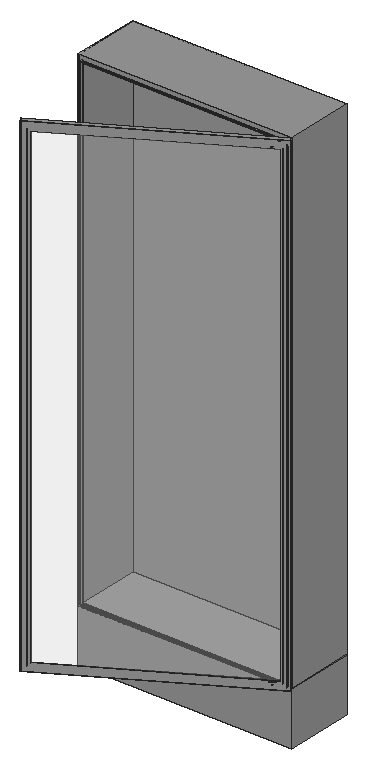
Revit family "Hager-Univers-IP55-D275-H2050-Cl.I-Steel_encl-NoHosted-PL-pl", category Electrical Equipment, Revit 2020
Family settings
  Panel Configuration = Two Columns, Circuits Across
  Round Connector Dimension = Use Diameter
  Part Type = Panelboard
  Work Plane-Based = Yes
  Always vertical = Yes
  Cut with Voids When Loaded = No
  Shared = No
  Room Calculation Point = No
Parameters (values of type "Montaż podłogowy IP55 S800 W2050 G275  - FR23K2")
  Width Control [instance] = if([EF000008 - Szerokość] > Min Width, [EF000008 - Szerokość], Min Width)  # 800 mm
  Type Comments = [HG000003 - Zakres]  # "Univers"
  Thickness Door [instance] = if([EF009171 - Drzwi/pokrywa z materiału o wysokiej wytrzymałości mechanicznej] > 3 mm, 3 mm, [EF009171 - Drzwi/pokrywa z materiału o wysokiej wytrzymałości mechanicznej])  # 1.5 mm
  Seal Frame Offset [instance] = 17 mm  # constant formula
  Plinth Visibility [instance] = [HG000027 - Wysokość cokołu] > 0 mm  # yes
  Min Width [instance] = 100 mm  # constant formula
  Min Depth [instance] = (2 * [EF009170 - Obudowa z materiału o wysokiej wytrzymałości mechanicznej]) + 1 mm  # 4 mm
  Min Height [instance] = 100 mm  # constant formula
  Internal Frame Depth [instance] = (Door System Depth * 0.5)  # 9 mm
  Panel Name [instance] = ""  # (empty or 0)
  Model = ""
  HG000027 - Wysokość cokołu = 200 mm
  HG000026 - Stojąca = yes
  HG000024 - Wysokość części dolnej = 600 mm
  HG000023 - Obudowa dwusekcyjna = no
  HG000016 - Widoczność drzwi w widoku 3D [instance] = yes
  HG000015 - Przestrzeń robocza - otwarcie drzwi [instance] = no
  HG000014 - Drzwi prawe [instance] = yes
  HG000013 - Drzwi lewe [instance] = not([HG000014 - Drzwi prawe])  # no
  HG000012 - Kąt otwarcia drzwi [instance] = 30.00°
  HG000010 - Drzwi asymetryczne = no
  HG000009 - Drzwi dwuskrzydłowe = no
  HG000006 - Montaż podtynkowy = no
  HG000004 - Referencja producenta = "FR23K2"
  HG000003 - Zakres = "Univers"
  HG000002 - Z drzwiami lub pokrywą = yes
  Frame Offset Bottom [instance] = 10 mm  # constant formula
  Frame Offset [instance] = 15 mm  # constant formula
  EF015940 - Pokrywa z wyzwalaczem nadciśnieniowym = no
  EF011959 - Stopień ochrony (NEMA) = ""
  EF009554 - Liczba otworów pod flansze = 6
  EF009212 - Wykonanie pokrywy = "EV000116 - Zamknięty"
  EF009171 - Drzwi/pokrywa z materiału o wysokiej wytrzymałości mechanicznej = 1.5 mm
  EF009170 - Obudowa z materiału o wysokiej wytrzymałości mechanicznej = 1.5 mm
  EF008873 - Prąd znamionowy (In) = 800 A
  EF007800 - Do ochrony odgromowej = no
  EF006306 - Z zamkiem = no
  EF006244 - Transparentna pokrywa/drzwi = yes
  EF005474 - Stopień ochrony (IP) = "EV006420 - IP55"
  EF004464 - Rodzaj drzwi = "EV002646 - Pojedynczy"
  EF004427 - Liczba modułów = 432
  EF004293 - Odporność udarowa = "EV008784 - IK10"
  EF003532 - Do zastosowań zewnętrznych = no
  EF002950 - Szerokość wyrażona liczbą modułów = 24
  EF001613 - Podtrzymanie funkcji = "EV000494 - Brak"
  EF001596 - Materiał obudowy = "EV000179 - Stal"
  EF001131 - Głębokość wewnętrzna = 275 mm
  EF001088 - Możliwość rozbudowy = yes
  EF000437 - Liczba wejść kablowych = 6
  EF000339 - Rodzaj pokrywy = "EV004216 - Drzwi"
  EF000266 - Liczba rzędów = 12
  EF000218 - Głębokość wbudowania = 0 mm
  EF000118 - Z płytą montażową = no
  EF000116 - Numer RAL = "7035"
  EF000049 - Głębokość = 275 mm
  EF000040 - Wysokość = 2050 mm
  EF000008 - Szerokość = 800 mm
  EF000007 - Kolor = "EV000270 - Szary"
  EF000003 - Sposób montażu = "EV012274 - Montaż podłogowy"
  Door System Leaf Tolerance [instance] = 1.5 mm  # constant formula
  Door System Depth [instance] = 18 mm  # constant formula
  Door Height [instance] = Height Control - [HG000027 - Wysokość cokołu]  # 1850 mm
  Description = ""
  Default Elevation = 1219.2 mm
  Connector Offset [instance] = Height Control / 2  # 1025 mm
  Manufacturer = "Hager"  # constant formula
  Height Control [instance] = if([EF000040 - Wysokość] > Min Height, [EF000040 - Wysokość], Min Height)  # 2050 mm
  Depth Control [instance] = if([EF000049 - Głębokość] > Min Depth, [EF000049 - Głębokość], Min Depth)  # 275 mm
  Bottom Top Plate Trim [instance] = 1.5 mm  # constant formula
  Plinth height Ctrl [instance] = if([HG000027 - Wysokość cokołu] > 0 mm, [HG000027 - Wysokość cokołu], 12 mm)  # 200 mm
Types (11, lengths in mm): name | Width Control | HG000010 - Drzwi asymetryczne | HG000009 - Drzwi dwuskrzydłowe | HG000004 - Referencja producenta | EF009554 - Liczba otworów pod flansze | EF006244 - Transparentna pokrywa/drzwi | EF004464 - Rodzaj drzwi | EF004427 - Liczba modułów | EF000437 - Liczba wejść kablowych | EF000008 - Szerokość
  Montaż podłogowy IP55 S1050 W2050 G275  - FR24E2 | 1050 | yes | yes | "FR24E2" | 8 | no | "EV003602 - Podwójny" | 576 | 8 | 1050
  Montaż podłogowy IP55 S1050 W2050 G275  - FR24K2 | 1050 | yes | yes | "FR24K2" | 8 | yes | "EV003602 - Podwójny" | 576 | 8 | 1050
  Montaż podłogowy IP55 S1300 W2050 G275  - FR25E2 | 1300 | yes | yes | "FR25E2" | 10 | no | "EV003602 - Podwójny" | 720 | 10 | 1300
  Montaż podłogowy IP55 S1300 W2050 G275  - FR25K2 | 1300 | yes | yes | "FR25K2" | 10 | yes | "EV003602 - Podwójny" | 720 | 10 | 1300
  Montaż podłogowy IP55 S1550 W2050 G275  - FR26E2 | 1550 | yes | yes | "FR26E2" | 12 | no | "EV003602 - Podwójny" | 864 | 12 | 1550
  Montaż podłogowy IP55 S1550 W2050 G275  - FR26K2 | 1550 | yes | yes | "FR26K2" | 12 | yes | "EV003602 - Podwójny" | 864 | 12 | 1550
  Montaż podłogowy IP55 S300 W2050 G275  - FR21E2 | 300 | no | no | "FR21E2" | 2 | no | "EV002646 - Pojedynczy" | 144 | 2 | 300
  Montaż podłogowy IP55 S550 W2050 G275  - FR22E2 | 550 | no | no | "FR22E2" | 4 | no | "EV002646 - Pojedynczy" | 288 | 4 | 550
  Montaż podłogowy IP55 S550 W2050 G275  - FR22K2 | 550 | no | no | "FR22K2" | 4 | yes | "EV002646 - Pojedynczy" | 288 | 4 | 550
  Montaż podłogowy IP55 S800 W2050 G275  - FR23E2 | 800 | no | no | "FR23E2" | 6 | no | "EV002646 - Pojedynczy" | 432 | 6 | 800
  Montaż podłogowy IP55 S800 W2050 G275  - FR23K2 | 800 | no | no | "FR23K2" | 6 | yes | "EV002646 - Pojedynczy" | 432 | 6 | 800
Reference planes
  plane 1 "Center (Front/Back)": y = 0
  plane 2: z = 0
  plane 3 "Center (Left/Right)": x = 0
  plane 4: y = 0
  plane 5: y = 0
  plane 6: z = 0
  plane 7: x = -400
  plane 8: x = 400
  plane 9: x = 398.5
  plane 10: x = -398.5
  plane 11: z = 200
  plane 12: z = 201.5
  plane 13: y = -275
  plane 14: y = -1.5
  plane 15: x = 0
  plane 16: y = -257
  plane 17: y = -273.5
  plane 18: y = -255.5
  plane 19: x = -383.5
  plane 20: x = 383.5
  plane 21: z = 211.5
  plane 22: x = -383
  plane 23: x = 383
  plane 24: z = 200
  plane 25: z = 2050
  plane 26: z = 2050
  plane 27: z = 2033.5
  plane 28: z = 2048.5
Forms (mm)
  Extrusion 1, solid, material "Hager_Steel_RAL7035_Light_Grey", detail levels medium+fine
    sketch origin (-208.679, -4572, 200) x (-1, 0, 0) y (0, -1, 0)
      loop
        line (191.321, -4315) -> (-608.679, -4315) -> (-608.679, -4572) -> (191.321, -4572) -> (191.321, -4315)
    from 0 to 1850
  Extrusion 2, void
    sketch origin (-350.771, -275, 1219.2) x (1, 0, 0) y (0, 0, 1)
      loop
        line (-47.729, 829.3) -> (-47.729, -1017.7) -> (749.271, -1017.7) -> (749.271, 829.3) -> (-47.729, 829.3)
    from -19.5 to -273.5
  Extrusion 3, void
    sketch origin (-290.084, -257, 1219.2) x (1, 0, 0) y (0, 0, 1)
      loop
        line (-93.416, -1007.7) -> (673.584, -1007.7) -> (673.584, 814.3) -> (-93.416, 814.3) -> (-93.416, -1007.7)
    from 0 to -1.5
  Extrusion 4, solid, material "Hager_Steel_RAL7035_Light_Grey", visible <- "Plinth Visibility", detail levels medium+fine
    sketch origin (0, 0, 0) x (1, 0, 0) y (0, 1, 0)
      loop
        line (-400, 0) -> (-400, -257) -> (400, -257) -> (400, 0) -> (-400, 0)
    from 0 to 200 <- "Plinth height Ctrl"
  Extrusion 5, solid, material "Hager_Steel_RAL7035_Light_Grey", detail levels coarse
    sketch origin (0, 0, 0) x (1, 0, 0) y (0, 1, 0)
      loop
        line (-400, 0) -> (-400, -275) -> (400, -275) -> (400, 0) -> (-400, 0)
    from 0 to 2050 <- "Height Control"
  Sweep 6, void
    path in 3D
      loop
        line (-400, -257, 200) -> (400, -257, 200) -> (400, 0, 200) -> (-400, 0, 200) -> (-400, -257, 200)
    profile origin (-400, -128.5, 200) x (1, 0, 0) y (0, 0, 1)
      loop
        line (0, 0) -> (0, -1.5) -> (1.5, -1.5)
        arc (1.5, -1.5) -> (1.061, -0.439) -> (0, 0) r 1.5
  Extrusion 7, solid, material "Hager_Steel_RAL7035_Light_Grey", detail levels fine
    sketch origin (-400, -257, 200) x (1, 0, 0) y (0, 0, 1)
      loop
        line (16.5, 11.5) -> (783.5, 11.5) -> (783.5, 1833.5) -> (16.5, 1833.5) -> (16.5, 11.5)
      loop
        line (15, 10) -> (785, 10) -> (785, 1835) -> (15, 1835) -> (15, 10)
    from 0 to 9 <- "Internal Frame Depth"
Cuts and joins
  Extrusion 2, Extrusion 3 cuts Extrusion 1
  Sweep 6 cuts Extrusion 4
Lines and regions (mm)
  Masking region 1
    outline origin (0, 0, 0) x (1, 0, 0) y (0, 1, 0)
      loop
        line (-400, 0) -> (-400, -275) -> (400, -275) -> (400, 0) -> (-400, 0)
  Masking region 2, detail levels coarse
    outline origin (-290.084, -257, 1219.2) x (-1, 0, 0) y (0, 0, 1)
      loop
        line (-690.084, -1219.2) -> (109.916, -1219.2) -> (109.916, 830.8) -> (-690.084, 830.8) -> (-690.084, -1219.2)
  Masking region 3, detail levels coarse
    outline origin (0, 0, 0) x (0, 1, 0) y (0, 0, 1)
      loop
        line (0, 0) -> (0, 2050) -> (-275, 2050) -> (-275, 0) -> (0, 0)
  Masking region 4, visible <- "Plinth Visibility", detail levels medium+fine
    outline origin (0, 0, 0) x (0, 1, 0) y (0, 0, 1)
      loop
        line (-1.5, 200) -> (-255.5, 200)
        arc (-255.5, 200) -> (-255.939, 198.939) -> (-257, 198.5) r 1.5
        line (-257, 198.5) -> (-257, 0) -> (0, 0) -> (0, 198.5)
        arc (0, 198.5) -> (-1.061, 198.939) -> (-1.5, 200) r 1.5
  Masking region 5, detail levels medium+fine
    outline origin (0, 0, 594.038) x (0, 1, 0) y (0, 0, 1)
      loop
        line (0, -394.038) -> (0, 1455.962) -> (-257, 1455.962) -> (-257, -394.038) -> (0, -394.038)
  Masking region 6, detail levels medium+fine
    outline origin (-359.7, -257, 1211.883) x (-1, 0, 0) y (0, 0, 1)
      loop
        line (-759.7, -1011.883) -> (40.3, -1011.883) -> (40.3, 838.117) -> (-759.7, 838.117) -> (-759.7, -1011.883)
  Masking region 7, visible <- "Plinth Visibility", detail levels medium+fine
    outline origin (-320.334, -257, 1041.368) x (-1, 0, 0) y (0, 0, 1)
      loop
        line (-720.334, -1041.368) -> (79.666, -1041.368) -> (79.666, -842.868)
        arc (79.666, -842.868) -> (78.606, -842.429) -> (78.166, -841.368) r 1.5
        line (78.166, -841.368) -> (-718.834, -841.368)
        arc (-718.834, -841.368) -> (-719.273, -842.429) -> (-720.334, -842.868) r 1.5
        line (-720.334, -842.868) -> (-720.334, -1041.368)
  sketch lines
    curve 1: line (-400, 0, 200) -> (-400, -257, 200)
    curve 2: line (-400, -257, 200) -> (400, -257, 200)
    curve 3: line (400, 0, 200) -> (-400, 0, 200)
    curve 4: line (400, -257, 200) -> (400, 0, 200)
Dimensions and locks
  locked: plane 1 "Center (Front/Back)" to plane 5
  "EF009170 - Obudowa z materiału o wysokiej wytrzymałości mechanicznej": plane 7 to plane 10
  "EF009170 - Obudowa z materiału o wysokiej wytrzymałości mechanicznej": plane 8 to plane 9
  equal spacing: plane 7, plane 3 "Center (Left/Right)", plane 8
  "Width Control": plane 7 to plane 8
  "Depth Control": plane 4 to plane 13
  "EF009170 - Obudowa z materiału o wysokiej wytrzymałości mechanicznej": plane 4 to plane 14
  "Height Control": plane 25 to level
  "HG000027 - Wysokość cokołu": plane 11 to level
  "EF009170 - Obudowa z materiału o wysokiej wytrzymałości mechanicznej": plane 12 to plane 11
  "EF009170 - Obudowa z materiału o wysokiej wytrzymałości mechanicznej": plane 17 to plane 13
  "EF009170 - Obudowa z materiału o wysokiej wytrzymałości mechanicznej": plane 18 to plane 16
  "Frame Offset Bottom": plane 21 to plane 12
  "Frame Offset": plane 10 to plane 19
  "Frame Offset": plane 9 to plane 20
  "Door System Depth": plane 16 to plane 13
  "Seal Frame Offset": plane 7 to plane 22
  "Seal Frame Offset": plane 8 to plane 23
  "EF009170 - Obudowa z materiału o wysokiej wytrzymałości mechanicznej": plane 26 to plane 28
  "Frame Offset": plane 28 to plane 27
  "Connector Offset": plane 2 to connector elem
  "Bottom Top Plate Trim": profile plane to Sweep 6 sketch curve
  "Bottom Top Plate Trim": Sweep 6 sketch curve to Sweep 6 sketch curve
  "Plinth height Ctrl": Masking region 4 sketch curve to level
  "Plinth height Ctrl": Masking region 7 sketch curve to level
  "Thickness Door": Extrusion 7 sketch curve to Extrusion 7 sketch curve  (x4)
  "Bottom Top Plate Trim": radius of Sweep 6 sketch curve
  "Bottom Top Plate Trim": radius of Masking region 4 sketch curve  (x2)
  "Bottom Top Plate Trim": radius of Masking region 7 sketch curve  (x2)
  aligned and locked: Extrusion 2 sketch curve to plane 12
  aligned and locked: Extrusion 2 sketch curve to plane 9
  aligned and locked: Extrusion 2 sketch curve to plane 10
  aligned and locked: Extrusion 2 to plane 14
  aligned and locked: Extrusion 1 sketch curve to plane 4
  aligned and locked: plane 8 to Extrusion 1 sketch curve
  aligned and locked: plane 7 to Extrusion 1 sketch curve
  aligned and locked: Extrusion 2 to plane 18
  aligned and locked: Extrusion 3 sketch curve to plane 19
  aligned and locked: plane 20 to Extrusion 3 sketch curve
  aligned and locked: Extrusion 3 to Extrusion 2
  aligned and locked: Extrusion 3 sketch curve to plane 21
  aligned and locked: plane 3 "Center (Left/Right)" to nested 1
  aligned and locked: Extrusion 1 sketch curve to plane 16
  aligned and locked: Extrusion 4 sketch curve to cut or joined group of Extrusion 1, Extrusion 2, Extrusion 3
  aligned and locked: Masking region 1 sketch curve to plane 7
  aligned and locked: Masking region 1 sketch curve to plane 5
  aligned and locked: Masking region 1 sketch curve to plane 8
  aligned and locked: Masking region 2 sketch curve to level
  aligned and locked: level to Masking region 3 sketch curve
  aligned and locked: plane 1 "Center (Front/Back)" to Masking region 3 sketch curve
  aligned and locked: plane 13 to Masking region 3 sketch curve
  aligned and locked: plane 5 to Masking region 4 sketch curve
  aligned and locked: Masking region 2 sketch curve to plane 8
  aligned and locked: Masking region 2 sketch curve to plane 7
  aligned and locked: plane 7 to nested 2
  aligned and locked: nested 2 to plane 5
  aligned and locked: plane 5 to Masking region 5 sketch curve
  aligned and locked: plane 26 to Masking region 5 sketch curve
  aligned and locked: Extrusion 5 sketch curve to plane 8
  aligned and locked: Extrusion 5 sketch curve to plane 7
  aligned and locked: Extrusion 5 sketch curve to plane 5
  aligned and locked: Extrusion 3 sketch curve to plane 27
  aligned and locked: Extrusion 2 sketch curve to plane 28
  aligned and locked: Masking region 2 to plane 25
  aligned and locked: Extrusion 4 to plane 16
  aligned and locked: profile plane to Sweep 6 sketch curve
  aligned and locked: Masking region 5 sketch curve to plane 24
  aligned and locked: level to Masking region 4 sketch curve
  aligned and locked: Masking region 1 to plane 13
  aligned and locked: nested 1 to plane 16
  aligned and locked: Masking region 3 to plane 25
  aligned and locked: plane 16 to Masking region 4 sketch curve
  aligned and locked: Masking region 5 sketch curve to plane 16
  aligned and locked: plane 24 to plane 11
  aligned and locked: plane 26 to plane 25
  aligned and locked: plane 26 to cut or joined group of Extrusion 1, Extrusion 2, Extrusion 3
  aligned and locked: nested 1 to plane 24
  aligned and locked: Extrusion 1 to Extrusion 3
  aligned and locked: Masking region 6 sketch curve to plane 8
  aligned and locked: Masking region 6 sketch curve to plane 24
  aligned and locked: Masking region 6 sketch curve to plane 7
  aligned and locked: Masking region 6 sketch curve to plane 26
  aligned and locked: Masking region 7 sketch curve to plane 7
  aligned and locked: level to Masking region 7 sketch curve
  aligned and locked: Masking region 7 sketch curve to plane 8
  aligned and locked: Extrusion 7 sketch curve to cut or joined group of Extrusion 1, Extrusion 2, Extrusion 3  (x4)
Automatic sketch dimensions
  plane 19 to Extrusion 3 sketch curve = 0 mm
  Extrusion 3 sketch curve to plane 20 = 0 mm
  Extrusion 3 sketch curve to plane 21 = 0 mm
  Extrusion 4 sketch curve to plane 7 = 0 mm
  Extrusion 4 sketch curve to plane 8 = 0 mm
  Extrusion 4 sketch curve to plane 16 = 0 mm
  Masking region 1 sketch curve to plane 13 = 0 mm
  Masking region 2 sketch curve to plane 25 = 0 mm
  Masking region 3 sketch curve to plane 25 = 0 mm
  Extrusion 5 sketch curve to plane 13 = 0 mm
  profile plane to Sweep 6 sketch curve = 0 mm
Nested families
  nested 1: "EC000058_Univers_Door" at (0, -257, 200), Double <- "HG000009 - Drzwi dwuskrzydłowe", Transparent <- "EF006244 - Transparentna pokrywa/drzwi", Angle <- "HG000012 - Kąt otwarcia drzwi", Door_Right <- "HG000014 - Drzwi prawe", Assymetrical <- "HG000010 - Drzwi asymetryczne", Door <- "HG000002 - Z drzwiami lub pokrywą", Width_Ctrl <- "Width Control", 3d_Door <- "HG000016 - Widoczność drzwi w widoku 3D", Clearance <- "HG000015 - Przestrzeń robocza - otwarcie drzwi", Door_Left <- "HG000013 - Drzwi lewe", Width <- "Width Control", Door_Depth <- "Door System Depth", Leaf_Tolerance <- "Door System Leaf Tolerance", Height <- "Door Height", Lock_Visibility <- "EF006306 - Z zamkiem", Thickness <- "Thickness Door", type "EC000058_Univers_Door", detail levels medium+fine
    with min_wh 4 mm, Width_Ctrl 800 mm, Width 800 mm, Transparent yes, Thickness 1.5 mm, Seal_Material Hager_Rubber, Lock_Visibility no, Lock_Material Hager_Plastic_RAL9005_Jet_Black, Leaf_Width 800 mm, Leaf_Tolerance_External_Sides 0 mm, Leaf_Tolerance 1.5 mm, Leaf_Offset 0 mm, Leaf_Height 1847 mm, Leaf_2_Width 800 mm, Leaf_2_Offset 400 mm, Leaf_1_Width 800 mm, Leaf_1_Offset 400 mm, Height_Ctrl 1850 mm, Height 1850 mm, Glass_Material Hager_Glass, Double_Clearance_Ctrl no, Double no, Door_Right_Ctrl yes, Door_Right yes, Door_Material Hager_Steel_RAL7035_Light_Grey, Door_Left_Ctrl no, Door_Left no, Door_Depth 18 mm, Door yes, Clearance_Material Hager_Clearance, Clearance_Depth 800 mm, Clearance_Ctrl no, Clearance no, Assymetrical no, Angle 30.00°, 3d_Door yes
  nested 2: "Hager_Enclosure_Symbol" at (-400, 0, 0), Height <- "Depth Control", Width <- "Width Control", type "Hager_Enclosure_Symbol"
    with Width_Ctrl 800 mm, Width 800 mm, Height_Ctrl 275 mm, Height 275 mm, A_Width_Int 18.047 mm, A_Width 216.562 mm, A_Height_Ctrl 240.625 mm, A_Height 240.625 mm
Connectors
  electrical at (0, 0, 1025)
    settings: on plane 1 "Center (Front/Back)", index 1, voltage 0 V, apparent load 0 VA, apparent load phase1 0 VA, apparent load phase2 0 VA, apparent load phase3 0 VA, power factor 1, load classification "Other", number of poles 1, system type 30, power factor state 1, is connector primary yes, connector utility no, sub classification motor no, connector description ""
Definition of nested family "EC000058_Univers_Door"
  Parameters (values of type "EC000058_Univers_Door")
    min_wh [instance] = (2 * Thickness) + 1 mm  # 11 mm
    Width_Ctrl [instance] = 400 mm
    Width [instance] = 500 mm
    Transparent [instance] = yes
    Thickness [instance] = 5 mm
    Seal_Material [instance] = none
    Lock_Visibility [instance] = yes
    Lock_Material [instance] = none
    Leaf_Width [instance] = if((Width_Ctrl - 2 * Leaf_Tolerance_External_Sides) > 0 mm, (Width_Ctrl - 2 * Leaf_Tolerance_External_Sides), min_wh)  # 400 mm
    Leaf_Tolerance_External_Sides [instance] = 0 mm  # constant formula
    Leaf_Tolerance [instance] = 1.5 mm
    Leaf_Offset [instance] = 0 mm  # constant formula
    Leaf_Height [instance] = if((Height_Ctrl - 2 * Leaf_Tolerance) > 0 mm, (Height_Ctrl - 2 * Leaf_Tolerance), min_wh)  # 497 mm
    Leaf_2_Width [instance] = if(and(and(Double, Assymetrical), Door_Left), (Leaf_Width / 3) - (Leaf_Tolerance / 2), if(and(and(Double, Assymetrical), Door_Right), (Leaf_Width / 3) * 2 - (Leaf_Tolerance / 2), if(and(Double, not(Assymetrical)), (Leaf_Width / 2) - Leaf_Tolerance, Leaf_Width)))  # 400 mm
    Leaf_2_Offset [instance] = if(and(Double, Assymetrical), Leaf_2_Width / 2, if(and(Double, not(Assymetrical)), Leaf_Width / 4, Leaf_Width / 2))  # 200 mm
    Leaf_1_Width [instance] = if(and(and(Double, Assymetrical), Door_Right), (Leaf_Width / 3) - (Leaf_Tolerance / 2), if(and(and(Double, Assymetrical), Door_Left), (Width / 3) * 2 - (Leaf_Tolerance / 2), if(and(Double, not(Assymetrical)), (Leaf_Width / 2) - Leaf_Tolerance, Leaf_Width)))  # 400 mm
    Leaf_1_Offset [instance] = if(and(Double, Assymetrical), Leaf_1_Width / 2, if(and(Double, not(Assymetrical)), Leaf_Width / 4, Leaf_Width / 2))  # 200 mm
    Height_Ctrl [instance] = if(Height > min_wh, Height, min_wh)  # 500 mm
    Height [instance] = 500 mm
    Glass_Material [instance] = none
    Double_Clearance_Ctrl [instance] = and(Double, Clearance)  # no
    Double [instance] = no
    Door_Right_Ctrl [instance] = and(or(Door_Right, Double), Door)  # yes
    Door_Right [instance] = yes
    Door_Material [instance] = none
    Door_Left_Ctrl [instance] = and(or(Door_Left, Double), Door)  # no
    Door_Left [instance] = no
    Door_Depth [instance] = 30 mm
    Door [instance] = yes
    Default Elevation = 1219.2 mm
    Clearance_Material [instance] = none
    Clearance_Depth [instance] = if(Leaf_1_Width > Leaf_2_Width, Leaf_1_Width, Leaf_2_Width)  # 400 mm
    Clearance_Ctrl [instance] = and(not(Double), Clearance)  # yes
    Clearance [instance] = yes
    Assymetrical [instance] = yes
    Angle [instance] = 30.00°
    3d_Door [instance] = yes
  Reference planes
    plane 1 "Center (Front/Back)": y = 0
    plane 2 "Bottom": z = 0
    plane 3 "Center (Left/Right)": x = 0
    plane 4: z = 500
    plane 5: x = -200
    plane 6: x = 200
    plane 7: z = 500
    plane 8: x = -200
    plane 9: z = 0
    plane 10: x = 200
    plane 11: y = 0
    plane 12: z = 1.5
    plane 13: x = -600
    plane 14: y = -400
    plane 15: x = 600
    plane 16: x = 0
    plane 17: x = 0
    plane 18: x = -200
    plane 19: x = 200
    plane 20: z = 498.5
  Forms (mm)
    Extrusion 1, solid, material <- "Clearance_Material", visible <- "Double_Clearance_Ctrl"
      sketch origin (1200, 0, 0) x (1, 0, 0) y (0, 0, -1)
        loop
          line (-1800, -498.5) -> (-600, -498.5) -> (-600, 0) -> (-1800, 0) -> (-1800, -498.5)
      from 0 to -400
  Dimensions and locks
    equal spacing: plane 5, plane 3 "Center (Left/Right)", plane 6
    "Width_Ctrl": plane 5 to plane 6
    "Leaf_Offset": plane 5 to plane 8
    "Leaf_Offset": plane 6 to plane 10
    "Leaf_Offset": plane 9 to level
    "Leaf_Offset": plane 4 to plane 7
    "Height_Ctrl": plane 4 to level
    "Leaf_Tolerance": plane 12 to plane 9
    locked: plane 11 to plane 1 "Center (Front/Back)"
    "Leaf_1_Offset": plane 18 to plane 16
    "Leaf_2_Offset": plane 17 to plane 19
    "Leaf_1_Width": plane 13 to plane 8
    "Leaf_2_Width": plane 10 to plane 15
    "Clearance_Depth": plane 14 to plane 1 "Center (Front/Back)"
    "Leaf_Tolerance_External_Sides": plane 8 to plane 18
    "Leaf_Tolerance_External_Sides": plane 19 to plane 10
    "Leaf_Tolerance": plane 7 to plane 20
    aligned and locked: level to plane 2 "Bottom"
    aligned and locked: nested 1 to plane 16
    aligned and locked: nested 2 to plane 17
    aligned and locked: Extrusion 1 to plane 13
    aligned and locked: plane 15 to Extrusion 1
    aligned and locked: Extrusion 1 to plane 14
    aligned and locked: plane 12 to nested 1
    aligned and locked: nested 2 to plane 12
    aligned and locked: Extrusion 1 to plane 11
    aligned and locked: plane 20 to Extrusion 1
    aligned and locked: nested 2 to plane 11
    aligned and locked: nested 1 to plane 11
  Automatic sketch dimensions
    Extrusion 1 sketch curve to level = 0 mm
    plane 5 to Extrusion 1 sketch curve = 400 mm
    plane 6 to Extrusion 1 sketch curve = 400 mm
    Extrusion 1 sketch curve to plane 4 = 1.5 mm
  Nested families
    nested 1: "EC000058_Univers_Door_Leaf" at (0, 0, 1.5), Width <- "Leaf_1_Width", visible <- "Door_Left_Ctrl", Leaf_Height <- "Leaf_Height", Angle <- "Angle", 3d_Door <- "3d_Door", Transparent <- "Transparent", Clearance Material <- "Clearance_Material", Clearance <- "Clearance_Ctrl", Door_Material <- "Door_Material", Glass_Material <- "Glass_Material", Door_Depth <- "Door_Depth", Lock_Material <- "Lock_Material", Seal_Material <- "Seal_Material", Lock_Visibility <- "Lock_Visibility", Thickness <- "Thickness", type "EC000058_Univers_Door_Leaf"
      with Width 400 mm, Transparent_Glass_Offset 30 mm, Transparent_Ctrl yes, Transparent yes, Thickness 5 mm, Standard no, Seal_Material none, Seal_D2 8 mm, Seal_D1 1 mm, Offset_Internal_Frame 10 mm, Lock_Width 20 mm, Lock_Visibility_3d yes, Lock_Visibility yes, Lock_Thickness_3 3 mm, Lock_Thickness_2 1 mm, Lock_Thickness_1 3 mm, Lock_Radius_Offset_2 16 mm, Lock_Radius_Offset_1 15 mm, Lock_Radius_2 5 mm, Lock_Radius 6 mm, Lock_Offset 5 mm, Lock_Material none, Lock_Height 80 mm, Lock_Cover_Top_Offset_2d 17 mm, Lock_Cover_Height -65 mm, Leaf_Height 497 mm, Internal_Seal_Thickness 8 mm, Internal_Seal_Depth_2 4.5 mm, Internal_Frame_Depth 25 mm, Glass_Thickness -1 mm, Glass_Offset -2 mm, Glass_Material none, Door_Material none, Door_Depth 30 mm, Clearance Material none, Clearance yes, Angle_Ctrl 30.00°, Angle 30.00°, 3d_Door yes
    nested 2: "EC000058_Univers_Door_Leaf" at (0, 0, 1.5) x (-1, 0, 0) z (0, 0, 1), Width <- "Leaf_2_Width", visible <- "Door_Right_Ctrl", Leaf_Height <- "Leaf_Height", Angle <- "Angle", 3d_Door <- "3d_Door", Transparent <- "Transparent", Clearance Material <- "Clearance_Material", Clearance <- "Clearance_Ctrl", Door_Material <- "Door_Material", Glass_Material <- "Glass_Material", Door_Depth <- "Door_Depth", Lock_Material <- "Lock_Material", Seal_Material <- "Seal_Material", Lock_Visibility <- "Lock_Visibility", Thickness <- "Thickness", type "EC000058_Univers_Door_Leaf"
      with Width 400 mm, Transparent_Glass_Offset 30 mm, Transparent_Ctrl yes, Transparent yes, Thickness 5 mm, Standard no, Seal_Material none, Seal_D2 8 mm, Seal_D1 1 mm, Offset_Internal_Frame 10 mm, Lock_Width 20 mm, Lock_Visibility_3d yes, Lock_Visibility yes, Lock_Thickness_3 3 mm, Lock_Thickness_2 1 mm, Lock_Thickness_1 3 mm, Lock_Radius_Offset_2 16 mm, Lock_Radius_Offset_1 15 mm, Lock_Radius_2 5 mm, Lock_Radius 6 mm, Lock_Offset 5 mm, Lock_Material none, Lock_Height 80 mm, Lock_Cover_Top_Offset_2d 17 mm, Lock_Cover_Height -65 mm, Leaf_Height 497 mm, Internal_Seal_Thickness 8 mm, Internal_Seal_Depth_2 4.5 mm, Internal_Frame_Depth 25 mm, Glass_Thickness -1 mm, Glass_Offset -2 mm, Glass_Material none, Door_Material none, Door_Depth 30 mm, Clearance Material none, Clearance yes, Angle_Ctrl 30.00°, Angle 30.00°, 3d_Door yes
  Definition of nested family "EC000058_Univers_Door_Leaf"
    Parameters (values of type "EC000058_Univers_Door_Leaf")
      Width [instance] = 2000 mm
      Transparent_Glass_Offset [instance] = 30 mm
      Transparent_Ctrl [instance] = and(Transparent, [3d_Door])  # yes
      Transparent [instance] = yes
      Thickness [instance] = 5 mm
      Standard [instance] = and(not(Transparent), [3d_Door])  # no
      Seal_Material [instance] = none
      Seal_D2 [instance] = 8 mm  # constant formula
      Seal_D1 [instance] = 1 mm  # constant formula
      Offset_Internal_Frame [instance] = 10 mm  # constant formula
      Lock_Width [instance] = 20 mm  # constant formula
      Lock_Visibility_3d [instance] = and(Lock_Visibility, [3d_Door])  # yes
      Lock_Visibility [instance] = yes
      Lock_Thickness_3 [instance] = 3 mm  # constant formula
      Lock_Thickness_2 [instance] = 1 mm  # constant formula
      Lock_Thickness_1 [instance] = 3 mm  # constant formula
      Lock_Radius_Offset_2 [instance] = Lock_Radius_Offset_1 + 1 mm  # 16 mm
      Lock_Radius_Offset_1 [instance] = 15 mm  # constant formula
      Lock_Radius_2 [instance] = Lock_Radius - 1 mm  # 5 mm
      Lock_Radius [instance] = 6 mm  # constant formula
      Lock_Offset [instance] = 5 mm  # constant formula
      Lock_Material [instance] = none
      Lock_Height [instance] = 80 mm  # constant formula
      Lock_Cover_Top_Offset_2d [instance] = Lock_Radius_Offset_2 + 1 mm  # 17 mm
      Lock_Cover_Height [instance] = -(Lock_Height - Lock_Radius_Offset_1)  # -65 mm
      Leaf_Height [instance] = 2720.336 mm
      Internal_Seal_Thickness [instance] = 8 mm  # constant formula
      Internal_Seal_Depth_2 [instance] = 4.5 mm  # constant formula
      Internal_Frame_Depth [instance] = if(Door_Depth - Thickness > 5 mm, Door_Depth - Thickness, 5 mm)  # 25 mm
      Glass_Thickness [instance] = if(Thickness > 15 mm, Glass_Offset + 10 mm, -1 mm)  # -1 mm
      Glass_Offset [instance] = if(Thickness > 15 mm, -(Thickness + 10 mm) / 2, -2 mm)  # -2 mm
      Glass_Material [instance] = none
      Door_Material [instance] = none
      Door_Depth [instance] = 30 mm
      Default Elevation = 0 mm
      Clearance Material [instance] = none
      Clearance [instance] = yes
      Angle_Ctrl [instance] = if(Angle > 180.00°, 180.00°, Angle)  # 90.00°
      Angle [instance] = 90.00°
      3d_Door [instance] = yes
    Reference planes
      plane 1 "Center (Front/Back)": y = 0
      plane 2: z = 0
      plane 3 "Center (Left/Right)": x = 0
      plane 4: y = 2000
      plane 5: x = -1000
      plane 6: x = 1000
      plane 7: x = -3000
      plane 8: z = 2720.336
      plane 9: z = 30
      plane 10: z = 2690.336
      plane 11: x = 970
      plane 12: x = -970
      plane 13: y = -3
      plane 14: z = 107.833
      plane 15: y = -5
      plane 16: y = -223.314
      plane 17: x = -1000
      plane 18: z = 1360.168
      plane 19: y = 30
    Forms (mm)
      Extrusion 1, solid, material <- "Clearance Material", visible <- "Clearance"
        sketch origin (0, 0, 0) x (1, 0, 0) y (0, 0, 1)
          loop
            line (-3000, 2720.336) -> (-3000, 0) -> (1000, 0) -> (1000, 2720.336) -> (-3000, 2720.336)
        from 0 to -2000
      Extrusion 2, solid, material <- "Door_Material", visible <- "Standard", detail levels medium+fine
        sketch origin (-1000, 0, 0) x (0, 1, 0) y (-1, 0, 0)
          loop
            line (0, 30) -> (0, 25) -> (2000, 25) -> (2000, 30) -> (0, 30)
        from 0 to 2720.336 <- "Leaf_Height"
      Extrusion 3, solid, material <- "Door_Material", visible <- "Transparent_Ctrl", detail levels medium+fine
        sketch origin (-1000, 0, 0) x (0, 1, 0) y (-1, 0, 0)
          loop
            line (0, 25) -> (2000, 25) -> (2000, 30) -> (0, 30) -> (0, 25)
        from 0 to 2720.336 <- "Leaf_Height"
      Extrusion 4, void
        sketch origin (-1025, 2000, 0) x (0, 1, 0) y (0, 0, -1)
          loop
            line (-30, -2690.336) -> (-30, -30) -> (-1970, -30) -> (-1970, -2690.336) -> (-30, -2690.336)
        from 0 to 5 <- "Thickness"
      Sweep 5, solid, material <- "Seal_Material", visible <- "Transparent_Ctrl", detail levels fine
        path in 3D
          loop
            line (-1025, 30, 30) -> (-1025, 30, 2690.336) -> (-1025, 1970, 2690.336) -> (-1025, 1970, 30) -> (-1025, 30, 30)
        profile origin (-1025, 1000, 30) x (1, 0, 0) y (0, 0, 1)
          loop
            line (0, 0) -> (0, -8) -> (1, -8) -> (1, 0) -> (0, 0)
      Extrusion 6, solid, material <- "Glass_Material", visible <- "Transparent_Ctrl", detail levels medium+fine
        sketch origin (-1030, 0, 0) x (0, 1, 0) y (0, 0, -1)
          loop
            line (1970, -2690.336) -> (1970, -30) -> (30, -30) -> (30, -2690.336) -> (1970, -2690.336)
        from -2 <- "Glass_Offset" to -1 <- "Glass_Thickness"
      Extrusion 7, solid, material <- "Door_Material", visible <- "3d_Door", detail levels medium+fine
        sketch origin (-1025, 2000, 0) x (0, -1, 0) y (0, 0, -1)
          loop
            line (0, -2720.336) -> (2000, -2720.336) -> (2000, 0) -> (0, 0) -> (0, -2720.336)
          loop
            line (1995, -5) -> (5, -5) -> (5, -2715.336) -> (1995, -2715.336) -> (1995, -5)
        from 0 to 25 <- "Internal_Frame_Depth"
      Sweep 8, solid, material <- "Seal_Material", visible <- "Transparent_Ctrl", detail levels fine
        path in 3D
          loop
            line (-1025, 0, 0) -> (-1025, 2000, 0) -> (-1025, 2000, 2720.336) -> (-1025, 0, 2720.336) -> (-1025, 0, 0)
        profile origin (-1025, 0, 1360.168) x (1, 0, 0) y (0, 1, 0)
          loop
            line (0, 10) -> (2.975, 10)
            arc (2.975, 10) -> (4.053, 10.447) -> (4.5, 11.525) r 1.525
            line (4.5, 11.525) -> (4.5, 16.527)
            arc (4.5, 16.527) -> (4.069, 17.569) -> (3.027, 18) r 1.473
            line (3.027, 18) -> (0, 18) -> (0, 10)
      Extrusion 9, solid, material <- "Lock_Material", visible <- "Lock_Visibility_3d", detail levels fine
        sketch origin (-1030, 0, 0) x (0, 1, 0) y (0, 0, -1)
          loop
            arc (1993.5, -1400.168) -> (1994.561, -1399.729) -> (1995, -1398.668) r 1.5
            line (1995, -1398.668) -> (1995, -1320.168) -> (1975, -1320.168) -> (1975, -1398.668)
            arc (1975, -1398.668) -> (1975.439, -1399.729) -> (1976.5, -1400.168) r 1.5
            line (1976.5, -1400.168) -> (1993.5, -1400.168)
        from 3 <- "Lock_Thickness_1" to 0
      Blend 10, solid, material <- "Lock_Material", visible <- "Lock_Visibility_3d", detail levels fine
        base sketch origin (-1033, 0, 0) x (0, 1, 0) y (0, 0, -1)
          loop
            line (1975, -1320.168) -> (1975, -1398.668)
            arc (1975, -1398.668) -> (1975.439, -1399.729) -> (1976.5, -1400.168) r 1.5
            line (1976.5, -1400.168) -> (1993.5, -1400.168)
            arc (1993.5, -1400.168) -> (1994.561, -1399.729) -> (1995, -1398.668) r 1.5
            line (1995, -1398.668) -> (1995, -1320.168) -> (1975, -1320.168)
        top sketch origin (-1033, 0, 0) x (0, 1, 0) y (0, 0, -1)
          loop
            line (1976, -1320.168) -> (1976, -1398.668)
            arc (1976, -1398.668) -> (1976.146, -1399.022) -> (1976.5, -1399.168) r 0.5
            line (1976.5, -1399.168) -> (1993.5, -1399.168)
            arc (1993.5, -1399.168) -> (1993.854, -1399.022) -> (1994, -1398.668) r 0.5
            line (1994, -1398.668) -> (1994, -1320.168) -> (1976, -1320.168)
        from 0 to 1 <- "Lock_Thickness_2"
      Blend 11, solid, material <- "Lock_Material", visible <- "Lock_Visibility_3d", detail levels fine
        base sketch origin (-1034, 0, 0) x (0, 1, 0) y (0, 0, -1)
          loop
            line (1978, -1320.168) -> (1978, -1384.168)
            arc (1978, -1384.168) -> (1985, -1391.168) -> (1992, -1384.168) r 7
            line (1992, -1384.168) -> (1992, -1320.168) -> (1978, -1320.168)
        top sketch origin (-1034, 0, 0) x (0, 1, 0) y (0, 0, -1)
          loop
            line (1991, -1320.168) -> (1979, -1320.168) -> (1979, -1383.168)
            arc (1979, -1383.168) -> (1985, -1389.168) -> (1991, -1383.168) r 6
            line (1991, -1383.168) -> (1991, -1320.168)
        from 0 to 3 <- "Lock_Thickness_3"
      Extrusion 12, solid, material <- "Lock_Material", visible <- "Lock_Visibility_3d", detail levels fine
        sketch origin (-1030, 1975, 1320.168) x (1, 0, 0) y (0, -1, 0)
          loop
            line (-7, -19) -> (-7, -1) -> (0, -1) -> (0, 0) -> (-8, 0) -> (-8, -20) -> (0, -20) -> (0, -19) -> (-7, -19)
        from 0 to -65 <- "Lock_Cover_Height"
      Extrusion 13, void
        sketch origin (-1038, 1995, 1320.168) x (-1, 0, 0) y (0, 0, -1)
          loop
            line (-5, -65) -> (0, -65) -> (-5, -60) -> (-5, -65)
        from 0 to 20 <- "Lock_Width"
      Extrusion 14, void
        sketch origin (-1038, 1975, 1320.168) x (0, -1, 0) y (0, 0, -1)
          loop
            circle (-10, -15.995) r 6
          loop
            circle (-10, -15.995) r 5
        from 0 to 2
      Extrusion 15, solid, material <- "Lock_Material", visible <- "Lock_Visibility_3d", detail levels medium
        sketch origin (-1030, 0, 0) x (0, 1, 0) y (0, 0, -1)
          loop
            arc (1993.5, -1400.168) -> (1994.561, -1399.729) -> (1995, -1398.668) r 1.5
            line (1995, -1398.668) -> (1995, -1320.168) -> (1975, -1320.168) -> (1975, -1398.668)
            arc (1975, -1398.668) -> (1975.439, -1399.729) -> (1976.5, -1400.168) r 1.5
            line (1976.5, -1400.168) -> (1993.5, -1400.168)
        from 8 to 0
    Cuts and joins
      Extrusion 4 cuts Extrusion 3
      Extrusion 13, Extrusion 14 cuts Extrusion 9
      Extrusion 14 cuts Blend 11
      Extrusion 13, Extrusion 14 cuts Extrusion 12
      joined: Extrusion 9, Blend 10, Blend 11, Extrusion 12
      Extrusion 14 cuts Extrusion 15
    Lines and regions (mm)
      Masking region 1, visible <- "Lock_Visibility", detail levels fine
        outline origin (0, 0, 0) x (0, 1, 0) y (0, 0, 1)
          loop
            line (30, 1320.168) -> (33, 1320.168) -> (33, 1400.168) -> (30, 1400.168) -> (30, 1320.168)
      Masking region 2, visible <- "Lock_Visibility", detail levels fine
        outline origin (0, 3.143, 0) x (0, 1, 0) y (0, 0, 1)
          loop
            line (29.857, 1354.168) -> (30.857, 1354.168) -> (30.857, 1366.168) -> (29.857, 1366.168) -> (29.857, 1354.168)
      Masking region 3, detail levels medium+fine
        outline origin (0, 0, 0) x (0, 1, 0) y (0, 0, 1)
          loop
            line (0, 0) -> (30, 0) -> (30, 2720.336) -> (0, 2720.336) -> (0, 0)
      Masking region 4, detail levels medium+fine
        outline origin (0, 0, 0) x (1, 0, 0) y (0, 0, 1)
          loop
            line (-1000, 2720.336) -> (-1000, 0) -> (1000, 0) -> (1000, 2720.336) -> (-1000, 2720.336)
      Masking region 5, visible <- "Lock_Visibility", detail levels fine
        outline origin (-47.116, 0, 0) x (1, 0, 0) y (0, 0, 1)
          loop
            arc (1024.616, 1399.168) -> (1023.556, 1398.729) -> (1023.116, 1397.668) r 1.5
            line (1023.116, 1397.668) -> (1023.116, 1320.168) -> (1041.116, 1320.168) -> (1041.116, 1397.668)
            arc (1041.116, 1397.668) -> (1040.677, 1398.729) -> (1039.616, 1399.168) r 1.5
            line (1039.616, 1399.168) -> (1024.616, 1399.168)
      Masking region 6, visible <- "Lock_Visibility", detail levels medium+fine
        outline origin (-25, 0, 0) x (1, 0, 0) y (0, 0, 1)
          loop
            arc (1001.5, 1400.168) -> (1000.439, 1399.729) -> (1000, 1398.668) r 1.5
            line (1000, 1398.668) -> (1000, 1320.168) -> (1020, 1320.168) -> (1020, 1398.668)
            arc (1020, 1398.668) -> (1019.561, 1399.729) -> (1018.5, 1400.168) r 1.5
            line (1018.5, 1400.168) -> (1001.5, 1400.168)
      Masking region 7, visible <- "Lock_Visibility", detail levels fine
        outline origin (-73.735, 0, 0) x (1, 0, 0) y (0, 0, 1)
          loop
            line (1051.735, 1382.168) -> (1065.735, 1382.168) -> (1065.735, 1384.168)
            arc (1065.735, 1384.168) -> (1058.735, 1391.168) -> (1051.735, 1384.168) r 7
            line (1051.735, 1384.168) -> (1051.735, 1382.168)
      Masking region 8, visible <- "Lock_Visibility", detail levels fine
        outline origin (-73.735, 0, 0) x (1, 0, 0) y (0, 0, 1)
          loop
            line (1052.735, 1382.168) -> (1064.735, 1382.168) -> (1064.735, 1383.168)
            arc (1064.735, 1383.168) -> (1058.735, 1389.168) -> (1052.735, 1383.168) r 6
            line (1052.735, 1383.168) -> (1052.735, 1382.168)
      Masking region 9, visible <- "Lock_Visibility", detail levels fine
        outline origin (-25, 0, 0) x (1, 0, 0) y (0, 0, 1)
          loop
            line (1020, 1320.168) -> (1020, 1382.168) -> (1000, 1382.168) -> (1000, 1320.168) -> (1020, 1320.168)
      Masking region 10, detail levels medium+fine
        outline origin (0, 0, 0) x (1, 0, 0) y (0, 0, 1)
          loop
            circle (985, 1335.144) r 6
      Masking region 11, detail levels fine
        outline origin (0, 0, 0) x (1, 0, 0) y (0, 0, 1)
          loop
            circle (985, 1335.144) r 5
      Masking region 12, visible <- "Lock_Visibility", detail levels fine
        outline origin (0, 12.767, 0) x (0, 1, 0) y (0, 0, 1)
          loop
            line (20.233, 1320.168) -> (21.233, 1320.168) -> (21.233, 1399.168) -> (20.233, 1400.168) -> (20.233, 1320.168)
      Masking region 13, visible <- "Lock_Visibility", detail levels fine
        outline origin (0, 13.767, -10) x (0, 1, 0) y (0, 0, 1)
          loop
            line (20.233, 1330.168) -> (23.233, 1330.168) -> (23.233, 1399.168) -> (20.233, 1402.168) -> (20.233, 1330.168)
      Masking region 14, visible <- "Lock_Visibility", detail levels fine
        outline origin (0, 12.767, -10) x (0, 1, 0) y (0, 0, 1)
          loop
            line (20.233, 1330.168) -> (25.233, 1330.168) -> (25.233, 1399.305) -> (20.233, 1394.305) -> (20.233, 1330.168)
      Masking region 15, visible <- "Lock_Visibility", detail levels medium
        outline origin (0, 0, 0) x (0, 1, 0) y (0, 0, 1)
          loop
            line (30, 1320.168) -> (38, 1320.168) -> (38, 1400.168) -> (30, 1400.168) -> (30, 1320.168)
      Masking region 16, visible <- "Lock_Visibility", detail levels fine
        outline origin (-1000, 0, 0) x (0, 1, 0) y (-1, 0, 0)
          loop
            line (1975, 30) -> (1995, 30) -> (1995, 38) -> (1975, 38) -> (1975, 30)
          loop
            line (1979, 37) -> (1976, 37) -> (1976, 34) -> (1978, 34) -> (1979, 37)
          loop
            line (1994, 37) -> (1991, 37) -> (1992, 34) -> (1994, 34) -> (1994, 37)
      Masking region 17, visible <- "Lock_Visibility", detail levels medium
        outline origin (-1000, 0, 0) x (0, 1, 0) y (-1, 0, 0)
          loop
            line (1975, 30) -> (1995, 30) -> (1995, 38) -> (1975, 38) -> (1975, 30)
      symbolic lines
        curve 1: line (1000, 0, 0) -> (-3000, 0, 0)
        curve 2: arc (1000, 0, 0) -> (-1000, 2000, 0) -> (-3000, 0, 0) r 2000
        curve 4: line (-1030, 0, 0) -> (-1030, 2000, 0)
      reference lines
        curve 3: line (-1000, 0, 0) -> (-1000, 2000, 0)
      symbolic lines, detail levels medium+fine
        curve 5: line (-1030, 2000, 0) -> (-1025, 2000, 0)
        curve 7: line (-1025, 0, 0) -> (-1030, 0, 0)
        curve 8: line (-1025, 0, 0) -> (-1000, 0, 0)
        curve 9: line (-1000, 0, 0) -> (-1000, 2000, 0)
        curve 10: line (-1000, 2000, 0) -> (-1025, 2000, 0)
      symbolic lines, detail levels fine
        curve 6: line (-1025, 2000, 0) -> (-1025, 0, 0)
      sketch lines
        curve 11: line (-1025, 0, 2720.336) -> (-1025, 0, 0)
        curve 12: line (-1025, 2000, 0) -> (-1025, 0, 0)
        curve 13: line (-1025, 2000, 2720.336) -> (-1025, 2000, 0)
        curve 14: line (-1025, 0, 2720.336) -> (-1025, 2000, 2720.336)
        curve 15: line (-1025, 1970, 30) -> (-1025, 30, 30)
        curve 16: line (-1025, 30, 30) -> (-1025, 30, 2690.336)
        curve 17: line (-1025, 1970, 2690.336) -> (-1025, 1970, 30)
        curve 18: line (-1025, 30, 2690.336) -> (-1025, 1970, 2690.336)
      symbolic lines, visible <- "Transparent", detail levels medium+fine
        curve 19: line (-970, 0, 2690.336) -> (970, 0, 2690.336)
        curve 20: line (-970, 0, 30) -> (-970, 0, 2690.336)
        curve 21: line (970, 0, 30) -> (-970, 0, 30)
        curve 22: line (970, 0, 2690.336) -> (970, 0, 30)
    Dimensions and locks
      "Width": plane 1 "Center (Front/Back)" to plane 4
      equal spacing: plane 5, plane 3 "Center (Left/Right)", plane 6
      "Width": plane 5 to plane 6
      "Width": plane 7 to plane 5
      "Leaf_Height": plane 8 to level
      "Width": curve 5 to curve 3
      "Width": curve 3 to curve 3
      plane 8 to plane 10 = 30 mm
      plane 9 to level = 30 mm
      plane 12 to plane 5 = 30 mm
      plane 6 to plane 11 = 30 mm
      Extrusion 1 to Extrusion 4 sketch curve = 30 mm
      "Transparent_Glass_Offset": curve 3 to Extrusion 4 sketch curve
      "Transparent_Glass_Offset": Extrusion 4 sketch curve to cut or joined group of Extrusion 3, Extrusion 4  (x2)
      cut or joined group of Extrusion 3, Extrusion 4 to Extrusion 6 sketch curve = 30 mm
      "Transparent_Glass_Offset": cut or joined group of Extrusion 3, Extrusion 4 to Extrusion 4 sketch curve
      "Thickness": curve 6 to curve 4
      "Thickness": Extrusion 7 sketch curve to Extrusion 7 sketch curve  (x4)
      "Door_Depth": curve 4 to curve 3
      "Offset_Internal_Frame": profile plane to Sweep 8 sketch curve
      "Internal_Seal_Thickness": Sweep 8 sketch curve to Sweep 8 sketch curve
      "Internal_Seal_Depth_2": profile plane to Sweep 8 sketch curve
      "Seal_D1": profile plane to Sweep 5 sketch curve
      "Seal_D2": profile plane to Sweep 5 sketch curve
      "Thickness": Extrusion 2 sketch curve to Extrusion 2 sketch curve
      equal spacing: Extrusion 9 sketch curve, plane 18, Extrusion 9 sketch curve  (x2)
      equal spacing: Masking region 1 sketch curve, plane 18, Masking region 1 sketch curve
      "Lock_Height": Masking region 1 sketch curve to Masking region 1 sketch curve
      "Lock_Radius": Masking region 2 sketch curve to plane 18 to Masking region 2 sketch curve
      Masking region 2 sketch curve to Masking region 1 = 1 mm
      "Door_Depth": plane 19 to plane 1 "Center (Front/Back)"
      "Lock_Thickness_1": Masking region 1 sketch curve to plane 19
      "Lock_Width": Extrusion 9 sketch curve to Extrusion 9 sketch curve
      "Lock_Height": Extrusion 9 sketch curve to Extrusion 9 sketch curve
      "Lock_Offset": cut or joined group of Extrusion 3, Extrusion 4 to Extrusion 9 sketch curve
      equal spacing: plane 8, plane 18, level
      "Lock_Radius_Offset_1": Blend 11 sketch curve to Blend 10
      locked: Blend 10 to Blend 11 sketch curve at 2  (x2)
      locked: var sketch to Blend 11 sketch curve at 1  (x2)
      "Lock_Radius_Offset_2": Blend 11 sketch curve to Blend 10
      locked: Extrusion 12 sketch curve to Extrusion 12 sketch curve at 1  (x3)
      Masking region 6 sketch curve to Masking region 6 sketch curve = 80 mm
      "Lock_Height": Masking region 6 sketch curve to Masking region 6 sketch curve
      "Lock_Width": Masking region 6 sketch curve to Masking region 6 sketch curve
      locked: Masking region 6 to Masking region 5 sketch curve at 1  (x3)
      locked: Masking region 5 to Masking region 7 sketch curve at 2  (x2)
      "Lock_Radius_Offset_1": Masking region 5 to Masking region 7 sketch curve
      "Lock_Radius_Offset_2": Masking region 5 to Masking region 8 sketch curve
      locked: Masking region 7 to Masking region 8 sketch curve at 1  (x2)
      "Lock_Cover_Top_Offset_2d": Masking region 5 to Masking region 9 sketch curve
      equal spacing: Masking region 9, Masking region 10 sketch curve, Masking region 9
      equal spacing: Masking region 9, Masking region 11 sketch curve, Masking region 9
      Extrusion 15 sketch curve to Extrusion 15 sketch curve = 80 mm
      "Lock_Width": Extrusion 15 sketch curve to Extrusion 15 sketch curve
      "Lock_Height": Extrusion 15 sketch curve to Extrusion 15 sketch curve
      equal spacing: Extrusion 15 sketch curve, plane 18, Extrusion 15 sketch curve
      "Lock_Thickness_3": Masking region 13 sketch curve to Masking region 13 sketch curve
      "Lock_Height": Masking region 12 sketch curve to Masking region 12 sketch curve
      locked: Masking region 13 sketch curve to Masking region 1 at 8
      locked: Masking region 14 sketch curve to Masking region 13 at 1
      locked: Masking region 14 sketch curve to Masking region 1 at 10.863
      "Lock_Height": Masking region 15 sketch curve to Masking region 15 sketch curve
      "Lock_Offset": Extrusion 15 sketch curve to cut or joined group of Extrusion 3, Extrusion 4
      "Lock_Offset": plane 6 to Masking region 6 sketch curve
      radius of Sweep 8 sketch curve = 1.525 mm
      radius of Sweep 8 sketch curve = 1.473 mm
      radius of Extrusion 9 sketch curve = 1.5 mm  (x2)
      "Lock_Radius": radius of Extrusion 14 sketch curve
      "Lock_Radius_2": radius of Extrusion 14 sketch curve
      "Lock_Radius": radius of Masking region 10 sketch curve
      "Lock_Radius_2": radius of Masking region 11 sketch curve
      radius of Extrusion 15 sketch curve = 1.5 mm  (x2)
      "Angle_Ctrl": angle plane 1 "Center (Front/Back)" to curve 3
      locked: Masking region 12 sketch curve to Masking region 12 sketch curve (angle 45.00°)
      locked: Masking region 13 sketch curve to Masking region 13 sketch curve (angle 45.00°)
      locked: Masking region 14 sketch curve to Masking region 14 sketch curve (angle 45.00°)
      aligned and locked: level to plane 2
      aligned and locked: Extrusion 1 to curve 1
      aligned and locked: plane 6 to Extrusion 1
      aligned and locked: Extrusion 1 to plane 1 "Center (Front/Back)"
      aligned and locked: plane 4 to Extrusion 1
      aligned and locked: plane 8 to Extrusion 1
      aligned and locked: curve 7 to Extrusion 2 sketch curve
      aligned and locked: curve 5 to Extrusion 2 sketch curve
      aligned and locked: curve 7 to Extrusion 3 sketch curve
      aligned and locked: Extrusion 3 sketch curve to curve 4
      aligned and locked: Extrusion 3 sketch curve to curve 6
      aligned and locked: Extrusion 3 sketch curve to curve 5
      aligned and locked: curve 9 to curve 3
      aligned and locked: Extrusion 7 sketch curve to cut or joined group of Extrusion 3, Extrusion 4  (x4)
      aligned and locked: plane 17 to curve 3
      aligned and locked: plane 1 "Center (Front/Back)" to curve 3
      aligned and locked: plane 17 to plane 5
      aligned and locked: Sweep 8 sketch curve to profile plane
      aligned and locked: Sweep 5 sketch curve to profile plane  (x2)
      aligned and locked: Masking region 1 to Masking region 2 sketch curve
      aligned and locked: plane 19 to Masking region 1 sketch curve
      aligned and locked: plane 1 "Center (Front/Back)" to Masking region 3 sketch curve
      aligned and locked: plane 19 to Masking region 3 sketch curve
      aligned and locked: level to Masking region 3 sketch curve
      aligned and locked: Masking region 3 sketch curve to plane 8
      aligned and locked: plane 17 to Masking region 4 sketch curve
      aligned and locked: level to Masking region 4 sketch curve
      aligned and locked: Masking region 4 sketch curve to plane 8
      aligned and locked: plane 12 to curve 20
      aligned and locked: plane 10 to curve 19
      aligned and locked: plane 11 to curve 22
      aligned and locked: curve 21 to plane 9
      aligned and locked: Extrusion 2 sketch curve to cut or joined group of Extrusion 3, Extrusion 4
      aligned and locked: Blend 10 sketch curve to Extrusion 9  (x4)
      aligned and locked: Extrusion 9 to Blend 10 sketch curve
      aligned and locked: Blend 10 to Blend 11 sketch curve
      aligned and locked: Extrusion 12 sketch curve to Blend 11
      aligned and locked: Extrusion 12 sketch curve to Extrusion 9  (x4)
      aligned and locked: Masking region 5 sketch curve to Masking region 6
      aligned and locked: Masking region 9 sketch curve to Masking region 6  (x3)
      aligned and locked: Masking region 12 sketch curve to Masking region 1
      aligned and locked: Masking region 13 sketch curve to Masking region 1
      aligned and locked: Masking region 12 to Masking region 14
      aligned and locked: Masking region 14 sketch curve to Masking region 1
      aligned and locked: Masking region 15 sketch curve to Masking region 14
      aligned and locked: Masking region 13 sketch curve to Masking region 12
      aligned and locked: Masking region 16 sketch curve to cut or joined group of Extrusion 14, Extrusion 15  (x4)
      aligned and locked: Masking region 16 sketch curve to cut or joined group of Extrusion 9, Blend 10, Blend 11, Extrusion 12, Extrusion 13, Extrusion 14  (x6)
      aligned and locked: cut or joined group of Extrusion 9, Blend 10, Blend 11, Extrusion 12, Extrusion 13, Extrusion 14 to Masking region 16 sketch curve
      aligned and locked: Masking region 17 sketch curve to cut or joined group of Extrusion 14, Extrusion 15  (x3)
      aligned and locked: Masking region 17 sketch curve to cut or joined group of Extrusion 9, Blend 10, Blend 11, Extrusion 12, Extrusion 13, Extrusion 14
      aligned and locked: Masking region 9 to Masking region 8 sketch curve
      aligned and locked: Masking region 9 to Masking region 7 sketch curve
    Automatic sketch dimensions
      plane 1 "Center (Front/Back)" to curve 2 = 0 mm
      curve 2 to plane 5 = 0 mm
      Extrusion 1 sketch curve to level = 0 mm
      Extrusion 1 sketch curve to plane 7 = 0 mm
      Extrusion 1 sketch curve to plane 6 = 0 mm
      Extrusion 1 sketch curve to plane 8 = 0 mm
      Extrusion 3 to Extrusion 6 sketch curve = 30 mm  (x4)
      Masking region 4 sketch curve to plane 6 = 0 mm
      Blend 10 sketch curve to Extrusion 9 = 1.5 mm
      Blend 10 sketch curve to Extrusion 9 = 1 mm
      Extrusion 13 sketch curve to Extrusion 12 = 0 mm  (x2)
      Extrusion 12 to Extrusion 13 sketch curve = 3 mm
      Extrusion 13 sketch curve to Extrusion 12 = 5 mm
      Extrusion 14 sketch curve to Extrusion 14 sketch curve = 0 mm  (x2)
      Extrusion 14 sketch curve to Extrusion 12 = 10 mm
      Extrusion 14 sketch curve to Extrusion 12 = 15.995 mm
      Masking region 5 sketch curve to Masking region 5 sketch curve = 1.5 mm  (x2)
      Masking region 10 sketch curve to plane 18 = 25.024 mm
      Masking region 11 sketch curve to plane 18 = 25.024 mm
      plane 19 to Masking region 14 sketch curve = 3 mm
      Masking region 16 sketch curve to Masking region 16 sketch curve = 3 mm
      curve 4 to curve 3 = 0 mm
      Blend 10 to Blend 11 sketch curve = 0 mm
      Masking region 6 sketch curve to Masking region 6 sketch curve = 1.5 mm  (x2)
      Masking region 6 sketch curve to plane 18 = 40 mm
      plane 19 to Masking region 12 sketch curve = 3 mm
      Masking region 12 sketch curve to Masking region 12 sketch curve = 1 mm
      Masking region 15 sketch curve to plane 19 = 0 mm
      Masking region 15 sketch curve to plane 18 = 40 mm
      radius of Blend 10 sketch curve to Extrusion 9 = 1 mm
Definition of nested family "Hager_Enclosure_Symbol"
  Parameters (values of type "Hager_Enclosure_Symbol")
    Width_Ctrl [instance] = if(Width > 1 mm, Width, 1 mm)  # 102.27 mm
    Width [instance] = 102.27 mm
    Height_Ctrl [instance] = if(Height > 1 mm, Height, 1 mm)  # 66.5 mm
    A_Width_Int [instance] = if(A_Width / 12 > 2 mm, A_Width / 12, 2 mm)  # 4.364 mm
    A_Width [instance] = if(A_Height_Ctrl * 0.9 > 2 mm, A_Height_Ctrl * 0.9, 2 mm)  # 52.369 mm
    A_Height_Ctrl [instance] = if(A_Height > 2 mm, A_Height, 2 mm)  # 58.188 mm
    Height [instance] = 66.5 mm
    A_Height [instance] = Height - (Height / 8)  # 58.188 mm
  Reference planes
    plane 1 "Centre (avant/arrière)": y = 0
    plane 2: z = 0
    plane 3 "Centre (gauche/droite)": x = 0
    plane 4: x = 52.369
    plane 5: y = 33.042
    plane 6: y = 41.77
    plane 7: y = 66.5
    plane 8: x = 26.184
    plane 9: y = 37.406
    plane 10: x = 102.27
    plane 11: y = 66.5
    plane 12: y = 8.313
  Lines and regions (mm)
    Filled region 1, type "Solid_Black", in view "Niveau de réf."
      outline origin (0, 0, 0) x (1, 0, 0) y (0, 1, 0)
        loop
          line (52.369, 66.5) -> (33.188, 54.536) -> (45.365, 45.006) -> (52.369, 66.5)
    Filled region 2, type "Solid_Black", in view "Niveau de réf."
      outline origin (0, 0, 0) x (1, 0, 0) y (0, 1, 0)
        loop
          line (0, 0) -> (102.27, 0) -> (102.27, 66.5) -> (0, 0)
    detail lines, in view "Niveau de réf."
      curve 1: line (0, 8.313, 0) -> (26.184, 41.77, 0)
      curve 2: line (26.184, 41.77, 0) -> (26.184, 33.042, 0)
      curve 3: line (26.184, 33.042, 0) -> (52.369, 66.5, 0)
  Dimensions and locks
    "A_Width": plane 3 "Centre (gauche/droite)" to plane 4
    equal spacing: plane 3 "Centre (gauche/droite)", plane 8, plane 4
    equal spacing: plane 6, plane 9, plane 5
    equal spacing: curve 3, Filled region 1 sketch curve, Filled region 1 sketch curve
    "Height_Ctrl": plane 1 "Centre (avant/arrière)" to plane 11
    "A_Height_Ctrl": plane 11 to plane 12
    equal spacing: plane 11, plane 9, plane 12
    "A_Width_Int": plane 6 to plane 9
    "Width_Ctrl": plane 3 "Centre (gauche/droite)" to plane 10
    angle Filled region 1 sketch curve to curve 3 = 20.00°
    angle curve 3 to Filled region 1 sketch curve = 20.00°
    locked: curve 3 to Filled region 1 sketch curve (angle 90.00°)
    aligned and locked: plane 10 to Filled region 2
    aligned and locked: plane 11 to Filled region 2 sketch curve
    aligned and locked: plane 10 to Filled region 2 sketch curve
    aligned and locked: plane 3 "Centre (gauche/droite)" to curve 1
    aligned and locked: plane 12 to curve 1
    aligned and locked: plane 7 to plane 11
  Automatic sketch dimensions
    Filled region 1 sketch curve to plane 4 = 0 mm
    Filled region 1 sketch curve to plane 7 = 0 mm
    plane 1 "Centre (avant/arrière)" to Filled region 2 sketch curve = 0 mm
    Filled region 2 sketch curve to plane 3 "Centre (gauche/droite)" = 0 mm
    curve 2 to plane 6 = 0 mm
    curve 2 to plane 8 = 0 mm
    curve 3 to plane 4 = 0 mm
    curve 2 to plane 5 = 0 mm
    curve 3 to plane 7 = 0 mm
